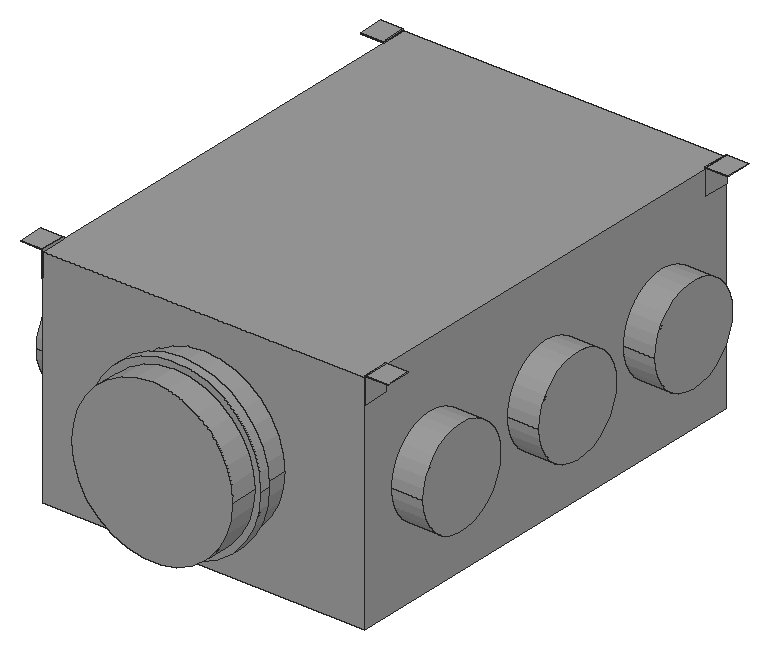
Revit family "FASU(F8-150 250Φ)", category ダクト付属品, Revit 2021
Family settings
  丸型コネクタ寸法 = 直径を使用
  パーツ タイプ = ダンパー
  OmniClass 番号 = 23.75.00.00
  OmniClass タイトル = Climate Control (HVAC)
  作業面ベース = いいえ
  常に垂直 = はい
  ロード時にボイドで切り取り = いいえ
  共有 = いいえ
Parameters
  高さ = 350 mm
  風量 = 0.0 L/s
  符号 = "FASU"
  形式 = "F8-150 250φ"
  幅 [instance] = 500 mm
  奥行き = 700 mm
  大きさ = 250 mm
  呼称 = "FASUチャンバー"
  付属品_下端レベル [instance] = 0 mm
  マテリアル [instance] = 既定値
  ダクト_イン = 250 mm
  ダクト_アウト = 150 mm
  既定の高さ = 0 mm
Reference planes
  plane 1 "中心(正面/背面)": y = 0
  plane 2: z = 0
  plane 3 "中心(左/右)": x = 0
  plane 4: x = -250
  plane 5: x = 250
  plane 6: y = -700
  plane 7: z = 350
  plane 8: z = 175
  plane 9: z = 266.963
  plane 10: z = 86.159
  plane 11: x = -251
  plane 12: z = 313.122
  plane 13: z = 352.122
  plane 14: y = -350
Forms (mm)
  Extrusion 1, solid, material "既定値" <- "マテリアル"
    sketch origin (0, 0, 0) x (1, 0, 0) y (0, 1, 0)
      loop
        line (-250, 0) -> (-250, -700) -> (250, -700) -> (250, 0) -> (-250, 0)
    from 0 to 350
  Extrusion 2, solid, material "既定値" <- "マテリアル"
    sketch origin (0, -30, 0) x (1, 0, 0) y (0, 1, 0)
      loop
        line (-250, 30) -> (-251, 30) -> (-251, -10) -> (-250, -10) -> (-250, 30)
    from 313.122 to 350
  Extrusion 3, solid, material "既定値" <- "マテリアル"
    sketch origin (0, -30, 0) x (1, 0, 0) y (0, 1, 0)
      loop
        line (-285, 30) -> (-285, -10) -> (-251, -10) -> (-251, 30) -> (-285, 30)
    from 352.122 to 350
  Extrusion 4, solid, material "既定値" <- "マテリアル"
    sketch origin (0, -30, 0) x (-1, 0, 0) y (0, -1, 0)
      loop
        line (-250, -30) -> (-250, 10) -> (-251, 10) -> (-251, -30) -> (-250, -30)
    from 313.122 to 353.122
  Extrusion 5, solid, material "既定値" <- "マテリアル"
    sketch origin (0, -30, 0) x (-1, 0, 0) y (0, -1, 0)
      loop
        line (-285, -30) -> (-251, -30) -> (-251, 10) -> (-285, 10) -> (-285, -30)
    from 352.122 to 353.122
  Extrusion 6, solid, material "既定値" <- "マテリアル"
    sketch origin (0, -490, 0) x (1, 0, 0) y (0, 1, 0)
      loop
        line (-285, -170) -> (-285, -210) -> (-251, -210) -> (-251, -170) -> (-285, -170)
    from 352.122 to 353.122
  Extrusion 7, solid, material "既定値" <- "マテリアル"
    sketch origin (0, -490, 0) x (1, 0, 0) y (0, 1, 0)
      loop
        line (-250, -170) -> (-251, -170) -> (-251, -210) -> (-250, -210) -> (-250, -170)
    from 313.122 to 353.122
  Extrusion 8, solid, material "既定値" <- "マテリアル"
    sketch origin (0, -490, 0) x (-1, 0, 0) y (0, -1, 0)
      loop
        line (-285, 170) -> (-251, 170) -> (-251, 210) -> (-285, 210) -> (-285, 170)
    from 352.122 to 353.122
  Extrusion 9, solid, material "既定値" <- "マテリアル"
    sketch origin (0, -490, 0) x (-1, 0, 0) y (0, -1, 0)
      loop
        line (-250, 170) -> (-250, 210) -> (-251, 210) -> (-251, 170) -> (-250, 170)
    from 313.122 to 353.122
  Extrusion 10, solid, material "既定値" <- "マテリアル"
    sketch origin (550, -582.5, 0) x (0, -1, 0) y (0, 0, -1)
      loop
        circle (-232.5, -175) r 74.985
    from -300 to -250
  Extrusion 11, solid, material "既定値" <- "マテリアル"
    sketch origin (-550, -582.5, 0) x (0, -1, 0) y (0, 0, 1)
      loop
        circle (-232.5, 175) r 74.985
    from -300 to -250
  Extrusion 12, solid, material "既定値" <- "マテリアル"
    sketch origin (550, -357.5, 0) x (0, -1, 0) y (0, 0, -1)
      loop
        circle (-232.5, -175) r 74.985
    from -300 to -250
  Extrusion 13, solid, material "既定値" <- "マテリアル"
    sketch origin (-550, -357.5, 0) x (0, -1, 0) y (0, 0, 1)
      loop
        circle (-232.5, 175) r 74.985
    from -300 to -250
  Extrusion 14, solid, material "既定値" <- "マテリアル"
    sketch origin (550, -142.5, 0) x (0, 1, 0) y (0, 0, 1)
      loop
        circle (-432.5, 175) r 74.985
    from -300 to -250
  Extrusion 15, solid, material "既定値" <- "マテリアル"
    sketch origin (0, -142.5, 0) x (0, 1, 0) y (0, 0, 1)
      loop
        circle (-432.5, 175) r 74.985
    from -300 to -250
  Extrusion 16, solid, material "既定値" <- "マテリアル"
    sketch origin (345.5, 300, 0) x (1, 0, 0) y (0, 0, -1)
      loop
        circle (-232.5, -175) r 74.985
    from -300 to -250
  Extrusion 17, solid, material "既定値" <- "マテリアル"
    sketch origin (-345.5, 300, 0) x (-1, 0, 0) y (0, 0, 1)
      loop
        circle (-232.5, 175) r 74.985
    from -300 to -250
  Extrusion 18, solid, material "既定値" <- "マテリアル"
    sketch origin (0, -230, 0) x (1, 0, 0) y (0, 0, 1)
      loop
        circle (0, 175) r 125
    from 470 to 512.5
  Extrusion 19, solid, material "既定値" <- "マテリアル"
    sketch origin (0, -230, 0) x (1, 0, 0) y (0, 0, 1)
      loop
        circle (0, 175) r 135
    from 512.5 to 527.5
  Extrusion 20, solid, material "既定値" <- "マテリアル"
    sketch origin (0, -317.5, 0) x (1, 0, 0) y (0, 0, 1)
      loop
        circle (0, 175) r 125
    from 440 to 482.5
Lines and regions (mm)
  model lines
    curve 1: line (-250, -30, 0) -> (250, -30, 0)
    curve 2: line (-250, -670, 0) -> (250, -670, 0)
Text (mm)
  text "FASU(F8-150 250Φ)" at (3.713, -630.412, 0), in view "参照レベル"
Dimensions and locks
  equal spacing: plane 4, plane 3 "中心(左/右)", plane 5
  "幅": plane 4 to plane 5
  "奥行き": plane 6 to plane 1 "中心(正面/背面)"
  "高さ": plane 7 to level
  equal spacing: plane 7, plane 8, level
  equal spacing: plane 6, plane 14, plane 1 "中心(正面/背面)"
  aligned and locked: level to plane 2
  aligned and locked: Extrusion 1 sketch curve to plane 5
  aligned and locked: plane 7 to Extrusion 1
  aligned and locked: Extrusion 2 sketch curve to Extrusion 1
  aligned and locked: plane 7 to Extrusion 2
  aligned and locked: Extrusion 3 sketch curve to Extrusion 2
  aligned and locked: Extrusion 2 to Extrusion 3 sketch curve
  aligned and locked: plane 7 to Extrusion 3
  aligned and locked: Extrusion 3 to plane 13
  aligned and locked: Extrusion 4 to Extrusion 5 sketch curve
  aligned and locked: Extrusion 5 sketch curve to Extrusion 4
  aligned and locked: Extrusion 1 to Extrusion 8
  aligned and locked: Extrusion 6 to Extrusion 1
  aligned and locked: Extrusion 7 to Extrusion 1
  aligned and locked: Extrusion 1 to Extrusion 9
  aligned and locked: Extrusion 9 to Extrusion 8
  aligned and locked: Extrusion 7 to Extrusion 6
  aligned and locked: plane 4 to Extrusion 7
  aligned and locked: Extrusion 9 to plane 5
  aligned and locked: plane 4 to curve 1
  aligned and locked: plane 5 to curve 1
  aligned and locked: plane 5 to curve 2
  aligned and locked: Extrusion 1 to Extrusion 3
  aligned and locked: Extrusion 5 to Extrusion 1
  aligned and locked: Extrusion 4 to plane 5
  aligned and locked: Extrusion 1 to plane 6
  aligned and locked: Extrusion 1 to plane 1 "中心(正面/背面)"
  aligned and locked: Extrusion 12 to plane 5
  aligned and locked: plane 4 to Extrusion 13
  aligned and locked: Extrusion 14 to plane 5
  aligned and locked: plane 4 to Extrusion 15
  aligned and locked: plane 1 "中心(正面/背面)" to Extrusion 16
  aligned and locked: plane 1 "中心(正面/背面)" to Extrusion 17
  aligned and locked: Extrusion 19 to Extrusion 20
  aligned and locked: Extrusion 19 to Extrusion 18
  aligned and locked: plane 6 to Extrusion 18
Automatic sketch dimensions
  Extrusion 10 sketch curve to plane 8 = 0 mm
  Extrusion 10 sketch curve to plane 14 = 0 mm
  Extrusion 11 sketch curve to plane 8 = 0 mm
  Extrusion 11 sketch curve to plane 14 = 0 mm
  Extrusion 16 sketch curve to plane 8 = 0 mm
  plane 3 "中心(左/右)" to Extrusion 16 sketch curve = 113 mm
  Extrusion 17 sketch curve to plane 8 = 0 mm
  Extrusion 17 sketch curve to plane 3 "中心(左/右)" = 113 mm
  curve 2 to plane 4 = 0 mm
  plane 6 to curve 2 = 30 mm
  plane 1 "中心(正面/背面)" to curve 1 = 30 mm
  Extrusion 1 sketch curve to plane 4 = 0 mm
  Extrusion 1 sketch curve to plane 6 = 0 mm
  plane 1 "中心(正面/背面)" to Extrusion 1 sketch curve = 0 mm
  plane 1 "中心(正面/背面)" to Extrusion 2 sketch curve = 0 mm
  Extrusion 2 sketch curve to plane 11 = 0 mm
  Extrusion 2 sketch curve to Extrusion 2 sketch curve = 40 mm
  plane 1 "中心(正面/背面)" to Extrusion 3 sketch curve = 0 mm
  Extrusion 3 sketch curve to Extrusion 3 sketch curve = 34 mm
  plane 1 "中心(正面/背面)" to Extrusion 4 sketch curve = 0 mm
  Extrusion 4 sketch curve to plane 5 = 0 mm
  Extrusion 4 sketch curve to Extrusion 4 sketch curve = 1 mm
  Extrusion 4 sketch curve to Extrusion 4 sketch curve = 40 mm
  plane 1 "中心(正面/背面)" to Extrusion 5 sketch curve = 0 mm
  Extrusion 5 sketch curve to Extrusion 5 sketch curve = 34 mm
  Extrusion 6 sketch curve to plane 6 = 0 mm
  Extrusion 6 sketch curve to plane 11 = 0 mm
  Extrusion 6 sketch curve to plane 11 = 34 mm
  plane 6 to Extrusion 6 sketch curve = 40 mm
  Extrusion 7 sketch curve to plane 11 = 0 mm
  Extrusion 7 sketch curve to plane 4 = 0 mm
  Extrusion 7 sketch curve to plane 6 = 0 mm
  plane 6 to Extrusion 7 sketch curve = 40 mm
  Extrusion 8 sketch curve to plane 6 = 0 mm
  Extrusion 8 sketch curve to plane 5 = 35 mm
  Extrusion 8 sketch curve to plane 5 = 1 mm
  Extrusion 8 sketch curve to Extrusion 8 sketch curve = 40 mm
  Extrusion 9 sketch curve to plane 6 = 0 mm
  Extrusion 9 sketch curve to plane 5 = 0 mm
  Extrusion 9 sketch curve to Extrusion 9 sketch curve = 1 mm
  Extrusion 9 sketch curve to Extrusion 9 sketch curve = 40 mm
  Extrusion 12 sketch curve to plane 8 = 0 mm
  plane 1 "中心(正面/背面)" to Extrusion 12 sketch curve = 125 mm
  Extrusion 13 sketch curve to plane 8 = 0 mm
  plane 1 "中心(正面/背面)" to Extrusion 13 sketch curve = 125 mm
  Extrusion 14 sketch curve to plane 8 = 0 mm
  plane 6 to Extrusion 14 sketch curve = 125 mm
  Extrusion 15 sketch curve to plane 8 = 0 mm
  plane 6 to Extrusion 15 sketch curve = 125 mm
  Extrusion 18 sketch curve to plane 3 "中心(左/右)" = 0 mm
  Extrusion 18 sketch curve to plane 8 = 0 mm
  Extrusion 19 sketch curve to plane 3 "中心(左/右)" = 0 mm
  Extrusion 19 sketch curve to plane 8 = 0 mm
  Extrusion 20 sketch curve to plane 3 "中心(左/右)" = 0 mm
  Extrusion 20 sketch curve to plane 8 = 0 mm
  radius of Extrusion 10 sketch curve = 74.985 mm
  radius of Extrusion 11 sketch curve = 74.985 mm
  radius of Extrusion 16 sketch curve = 74.985 mm
  radius of Extrusion 17 sketch curve = 74.985 mm
  radius of Extrusion 12 sketch curve = 74.985 mm
  radius of Extrusion 13 sketch curve = 74.985 mm
  radius of Extrusion 14 sketch curve = 74.985 mm
  radius of Extrusion 15 sketch curve = 74.985 mm
  radius of Extrusion 18 sketch curve = 125 mm
  radius of Extrusion 19 sketch curve = 135 mm
  radius of Extrusion 20 sketch curve = 125 mm
Connectors
  hvac at (-300, -575, 175), driven by "ダクト_アウト"
    settings: on Extrusion 15, index 1, duct flow 0.0 L/s, flow factor 0, pres drop 0.0 Pa, loss coef 0, conn angle 0.00°, conn width 304.8 mm, conn height 304.8 mm, conn diameter 150 mm, duct sys type 29, conn prof type 0, flow config 0, flow direction 2, loss method 0, conn ref index -1, conn util no, is conn primary yes, conn desc ""
  hvac at (-300, -350, 175), driven by "ダクト_アウト"
    settings: on Extrusion 11, index 2, duct flow 0.0 L/s, flow factor 0, pres drop 0.0 Pa, loss coef 0, conn angle 0.00°, conn width 304.8 mm, conn height 304.8 mm, conn diameter 150 mm, duct sys type 29, conn prof type 0, flow config 0, flow direction 2, loss method 0, conn ref index -1, conn util no, is conn primary no, conn desc ""
  hvac at (-300, -125, 175), driven by "ダクト_アウト"
    settings: on Extrusion 13, index 3, duct flow 0.0 L/s, flow factor 0, pres drop 0.0 Pa, loss coef 0, conn angle 0.00°, conn width 304.8 mm, conn height 304.8 mm, conn diameter 150 mm, duct sys type 29, conn prof type 0, flow config 0, flow direction 2, loss method 0, conn ref index -1, conn util no, is conn primary no, conn desc ""
  hvac at (-113, 50, 175), driven by "ダクト_アウト"
    settings: on Extrusion 17, index 4, duct flow 0.0 L/s, flow factor 0, pres drop 0.0 Pa, loss coef 0, conn angle 0.00°, conn width 304.8 mm, conn height 304.8 mm, conn diameter 150 mm, duct sys type 29, conn prof type 0, flow config 0, flow direction 2, loss method 0, conn ref index -1, conn util no, is conn primary no, conn desc ""
  hvac at (113, 50, 175), driven by "ダクト_アウト"
    settings: on Extrusion 16, index 5, duct flow 0.0 L/s, flow factor 0, pres drop 0.0 Pa, loss coef 0, conn angle 0.00°, conn width 304.8 mm, conn height 304.8 mm, conn diameter 150 mm, duct sys type 29, conn prof type 0, flow config 0, flow direction 2, loss method 0, conn ref index -1, conn util no, is conn primary no, conn desc ""
  hvac at (300, -125, 175), driven by "ダクト_アウト"
    settings: on Extrusion 12, index 6, duct flow 0.0 L/s, flow factor 0, pres drop 0.0 Pa, loss coef 0, conn angle 0.00°, conn width 304.8 mm, conn height 304.8 mm, conn diameter 150 mm, duct sys type 29, conn prof type 0, flow config 0, flow direction 2, loss method 0, conn ref index -1, conn util no, is conn primary no, conn desc ""
  hvac at (300, -350, 175), driven by "ダクト_アウト"
    settings: on Extrusion 10, index 7, duct flow 0.0 L/s, flow factor 0, pres drop 0.0 Pa, loss coef 0, conn angle 0.00°, conn width 304.8 mm, conn height 304.8 mm, conn diameter 150 mm, duct sys type 29, conn prof type 0, flow config 0, flow direction 2, loss method 0, conn ref index -1, conn util no, is conn primary no, conn desc ""
  hvac at (300, -575, 175), driven by "ダクト_アウト"
    settings: on Extrusion 14, index 8, duct flow 0.0 L/s, flow factor 0, pres drop 0.0 Pa, loss coef 0, conn angle 0.00°, conn width 304.8 mm, conn height 304.8 mm, conn diameter 150 mm, duct sys type 29, conn prof type 0, flow config 0, flow direction 2, loss method 0, conn ref index -1, conn util no, is conn primary no, conn desc ""
  hvac at (0, -800, 175), driven by "ダクト_イン"
    settings: on Extrusion 20, index 18, duct flow 0.0 L/s, flow factor 0, pres drop 0.0 Pa, loss coef 0, conn angle 0.00°, conn width 304.8 mm, conn height 304.8 mm, conn diameter 250 mm, duct sys type 1, conn prof type 0, flow config 0, flow direction 1, loss method 0, conn ref index -1, conn util no, is conn primary no, conn desc ""
